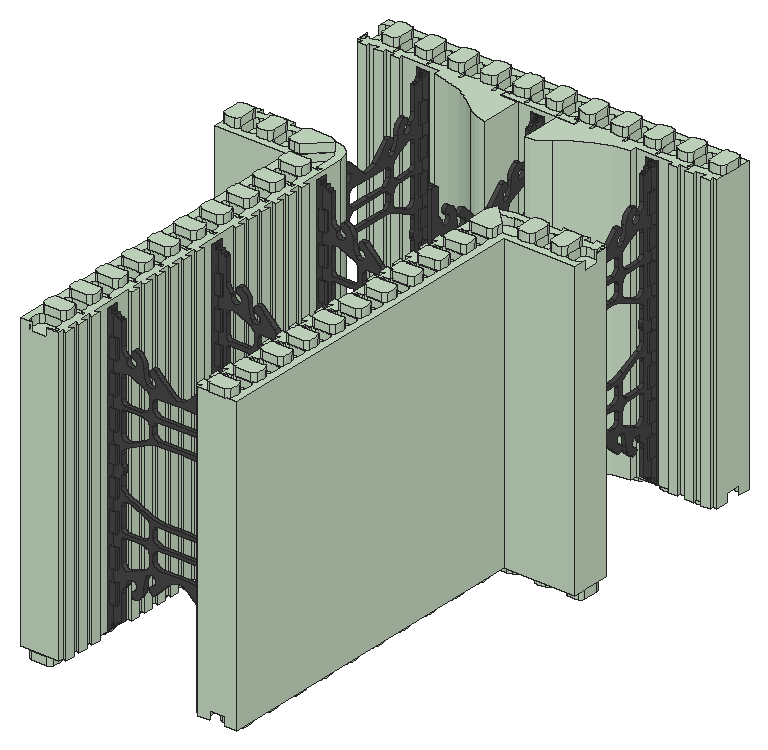
Revit family
Reference planes
  plane 1 "Center (Front/Back)": y = 0
  plane 2: z = 0
  plane 3 "Center (Left/Right)": x = 0
Forms (mm)
  Extrusion 1, solid, material "NUDURA Expanded Polystyrene Foam Insulation"
    sketch origin (0.284, 0.076, 0) x (1, 0, 0) y (0, 1, 0)
      loop
        line (-254, 142.875) -> (-254, 82.55) -> (-246.858, 82.55) -> (-248.442, 76.2) -> (-234.158, 76.2) -> (-235.742, 82.55) -> (-221.458, 82.55) -> (-223.042, 76.2) -> (-208.758, 76.2) -> (-210.342, 82.55) -> (-196.058, 82.55) -> (-197.642, 76.2) -> (-183.358, 76.2) -> (-184.942, 82.55) -> (-127, 82.55) -> (-127, 73.025)
        arc (-127, 73.025) -> (-79.325, 60.317) -> (-38.333, 32.857) r 150.316
        arc (-38.333, 32.857) -> (-23.189, 23.014) -> (-5.558, 19.091) r 50.8
        line (-5.558, 19.091) -> (-5.558, 82.55) -> (-31.75, 82.55) -> (-31.75, 93.946) -> (-25.4, 92.363) -> (-25.4, 107.78) -> (-31.75, 106.079) -> (-31.75, 119.346) -> (-25.4, 117.763) -> (-25.4, 133.18) -> (-31.75, 131.479) -> (-31.75, 142.875) -> (-254, 142.875)
      loop
        line (304.8, 82.55) -> (304.8, 142.875) -> (82.55, 142.875) -> (82.55, 131.479) -> (76.2, 133.18) -> (76.2, 117.763) -> (82.55, 119.346) -> (82.55, 106.079) -> (76.2, 107.78) -> (76.2, 92.363) -> (82.55, 93.946) -> (82.55, 82.55) -> (56.358, 82.55) -> (56.358, 19.091)
        arc (56.358, 19.091) -> (73.989, 23.014) -> (89.133, 32.857) r 50.8
        arc (89.133, 32.857) -> (130.125, 60.317) -> (177.8, 73.025) r 150.316
        line (177.8, 73.025) -> (177.8, 82.55) -> (235.742, 82.55) -> (234.158, 76.2) -> (248.442, 76.2) -> (246.858, 82.55) -> (261.142, 82.55) -> (259.558, 76.2) -> (273.842, 76.2) -> (272.258, 82.55) -> (286.542, 82.55) -> (284.958, 76.2) -> (299.242, 76.2) -> (297.658, 82.55) -> (304.8, 82.55)
      loop
        line (-82.55, -711.2) -> (-82.55, -704.058) -> (-76.2, -705.641) -> (-76.2, -691.358) -> (-82.55, -692.941) -> (-82.55, -678.658) -> (-76.2, -680.241) -> (-76.2, -665.958) -> (-82.55, -667.541) -> (-82.55, -653.258) -> (-76.2, -654.841) -> (-76.2, -640.558) -> (-82.55, -642.141) -> (-82.55, -577.058) -> (-76.2, -578.641) -> (-76.2, -564.358) -> (-82.55, -565.941) -> (-82.55, -551.658) -> (-76.2, -553.241) -> (-76.2, -538.958) -> (-82.55, -540.541) -> (-82.55, -526.258) -> (-76.2, -527.841) -> (-76.2, -513.558) -> (-82.55, -515.141) -> (-82.55, -500.858) -> (-76.2, -502.441) -> (-76.2, -488.158) -> (-82.55, -489.741) -> (-82.55, -475.458) -> (-76.2, -477.041) -> (-76.2, -462.758) -> (-82.55, -464.341) -> (-82.55, -450.058) -> (-76.2, -451.641) -> (-76.2, -437.358) -> (-82.55, -438.941) -> (-82.55, -373.858) -> (-76.2, -375.441) -> (-76.2, -361.158) -> (-82.55, -362.741) -> (-82.55, -348.458) -> (-76.2, -350.041) -> (-76.2, -335.758) -> (-82.55, -337.341) -> (-82.55, -323.058) -> (-76.2, -324.641) -> (-76.2, -310.358) -> (-82.55, -311.941) -> (-82.55, -297.658) -> (-76.2, -299.241) -> (-76.2, -284.958) -> (-82.55, -286.541) -> (-82.55, -272.258) -> (-76.2, -273.841) -> (-76.2, -259.558) -> (-82.55, -261.141) -> (-82.55, -246.858) -> (-76.2, -248.441) -> (-76.2, -234.158) -> (-82.55, -235.741) -> (-82.55, -165.1)
        arc (-82.55, -165.1) -> (-91.849, -142.649) -> (-114.3, -133.35) r 31.75
        line (-114.3, -133.35) -> (-184.942, -133.35) -> (-183.358, -127) -> (-197.642, -127) -> (-196.058, -133.35) -> (-210.342, -133.35) -> (-208.758, -127) -> (-223.042, -127) -> (-221.458, -133.35) -> (-235.742, -133.35) -> (-234.158, -127) -> (-248.442, -127) -> (-246.858, -133.35) -> (-254, -133.35) -> (-254, -193.675) -> (-142.875, -193.675) -> (-142.875, -711.2) -> (-82.55, -711.2)
      loop
        line (133.35, -711.2) -> (193.675, -711.2) -> (193.675, -193.675) -> (304.8, -193.675) -> (304.8, -133.35) -> (297.658, -133.35) -> (299.242, -127) -> (284.958, -127) -> (286.542, -133.35) -> (272.258, -133.35) -> (273.842, -127) -> (259.558, -127) -> (261.142, -133.35) -> (246.858, -133.35) -> (248.442, -127) -> (234.158, -127) -> (235.742, -133.35) -> (165.1, -133.35)
        arc (165.1, -133.35) -> (142.649, -142.649) -> (133.35, -165.1) r 31.75
        line (133.35, -165.1) -> (133.35, -235.741) -> (127, -234.158) -> (127, -248.441) -> (133.35, -246.858) -> (133.35, -261.141) -> (127, -259.558) -> (127, -273.841) -> (133.35, -272.258) -> (133.35, -286.541) -> (127, -284.958) -> (127, -299.241) -> (133.35, -297.658) -> (133.35, -311.941) -> (127, -310.358) -> (127, -324.641) -> (133.35, -323.058) -> (133.35, -337.341) -> (127, -335.758) -> (127, -350.041) -> (133.35, -348.458) -> (133.35, -362.741) -> (127, -361.158) -> (127, -375.441) -> (133.35, -373.858) -> (133.35, -438.941) -> (127, -437.358) -> (127, -451.641) -> (133.35, -450.058) -> (133.35, -464.341) -> (127, -462.758) -> (127, -477.041) -> (133.35, -475.458) -> (133.35, -489.741) -> (127, -488.158) -> (127, -502.441) -> (133.35, -500.858) -> (133.35, -515.141) -> (127, -513.558) -> (127, -527.841) -> (133.35, -526.258) -> (133.35, -540.541) -> (127, -538.958) -> (127, -553.241) -> (133.35, -551.658) -> (133.35, -565.941) -> (127, -564.358) -> (127, -578.641) -> (133.35, -577.058) -> (133.35, -642.141) -> (127, -640.558) -> (127, -654.841) -> (133.35, -653.258) -> (133.35, -667.541) -> (127, -665.958) -> (127, -680.241) -> (133.35, -678.658) -> (133.35, -692.941) -> (127, -691.358) -> (127, -705.641) -> (133.35, -704.058) -> (133.35, -711.2)
    from 0 to 457.2
  Extrusion 2, void
    sketch origin (0.284, -50.724, 0) x (1, 0, 0) y (0, 1, 0)
      loop
        arc (-130.453, -639.396) -> (-131.763, -647.7) -> (-130.453, -656.003) r 26.987
        arc (-130.453, -656.003) -> (-128.147, -659.184) -> (-124.411, -660.4) r 6.35
        line (-124.411, -660.4) -> (-101.014, -660.4)
        arc (-101.014, -660.4) -> (-98.696, -659.961) -> (-96.698, -658.708) r 6.35
        arc (-96.698, -658.708) -> (-96.199, -658.394) -> (-95.62, -658.285) r 1.588
        line (-95.62, -658.285) -> (-86.829, -658.285) -> (-86.829, -653.946) -> (-92.457, -653.946)
        arc (-92.457, -653.946) -> (-93.668, -653.385) -> (-94.024, -652.1) r 1.588
        arc (-94.024, -652.1) -> (-93.737, -645.691) -> (-94.972, -639.396) r 26.988
        arc (-94.972, -639.396) -> (-97.278, -636.215) -> (-101.014, -635) r 6.35
        line (-101.014, -635) -> (-124.411, -635)
        arc (-124.411, -635) -> (-128.147, -636.215) -> (-130.453, -639.396) r 6.35
    from 457.2 to 444.5
  Extrusion 3, void
    sketch origin (0.284, 0.076, 0) x (1, 0, 0) y (0, 1, 0)
      loop
        arc (-130.453, -639.396) -> (-131.763, -647.7) -> (-130.453, -656.003) r 26.987
        arc (-130.453, -656.003) -> (-128.147, -659.184) -> (-124.411, -660.4) r 6.35
        line (-124.411, -660.4) -> (-101.014, -660.4)
        arc (-101.014, -660.4) -> (-98.696, -659.961) -> (-96.698, -658.708) r 6.35
        arc (-96.698, -658.708) -> (-96.199, -658.394) -> (-95.62, -658.285) r 1.588
        line (-95.62, -658.285) -> (-86.829, -658.285) -> (-86.829, -653.946) -> (-92.457, -653.946)
        arc (-92.457, -653.946) -> (-93.668, -653.385) -> (-94.024, -652.1) r 1.588
        arc (-94.024, -652.1) -> (-93.737, -645.691) -> (-94.972, -639.396) r 26.988
        arc (-94.972, -639.396) -> (-97.278, -636.215) -> (-101.014, -635) r 6.35
        line (-101.014, -635) -> (-124.411, -635)
        arc (-124.411, -635) -> (-128.147, -636.215) -> (-130.453, -639.396) r 6.35
    from 457.2 to 444.5
  Extrusion 4, void
    sketch origin (0.284, 50.876, 0) x (1, 0, 0) y (0, 1, 0)
      loop
        arc (-130.453, -639.396) -> (-131.763, -647.7) -> (-130.453, -656.003) r 26.987
        arc (-130.453, -656.003) -> (-128.147, -659.184) -> (-124.411, -660.4) r 6.35
        line (-124.411, -660.4) -> (-101.014, -660.4)
        arc (-101.014, -660.4) -> (-98.696, -659.961) -> (-96.698, -658.708) r 6.35
        arc (-96.698, -658.708) -> (-96.199, -658.394) -> (-95.62, -658.285) r 1.588
        line (-95.62, -658.285) -> (-86.829, -658.285) -> (-86.829, -653.946) -> (-92.457, -653.946)
        arc (-92.457, -653.946) -> (-93.668, -653.385) -> (-94.024, -652.1) r 1.588
        arc (-94.024, -652.1) -> (-93.737, -645.691) -> (-94.972, -639.396) r 26.988
        arc (-94.972, -639.396) -> (-97.278, -636.215) -> (-101.014, -635) r 6.35
        line (-101.014, -635) -> (-124.411, -635)
        arc (-124.411, -635) -> (-128.147, -636.215) -> (-130.453, -639.396) r 6.35
    from 457.2 to 444.5
  Extrusion 5, void
    sketch origin (0.284, 101.676, 0) x (1, 0, 0) y (0, 1, 0)
      loop
        arc (-130.453, -639.396) -> (-131.763, -647.7) -> (-130.453, -656.003) r 26.987
        arc (-130.453, -656.003) -> (-128.147, -659.184) -> (-124.411, -660.4) r 6.35
        line (-124.411, -660.4) -> (-101.014, -660.4)
        arc (-101.014, -660.4) -> (-98.696, -659.961) -> (-96.698, -658.708) r 6.35
        arc (-96.698, -658.708) -> (-96.199, -658.394) -> (-95.62, -658.285) r 1.588
        line (-95.62, -658.285) -> (-86.829, -658.285) -> (-86.829, -653.946) -> (-92.457, -653.946)
        arc (-92.457, -653.946) -> (-93.668, -653.385) -> (-94.024, -652.1) r 1.588
        arc (-94.024, -652.1) -> (-93.737, -645.691) -> (-94.972, -639.396) r 26.988
        arc (-94.972, -639.396) -> (-97.278, -636.215) -> (-101.014, -635) r 6.35
        line (-101.014, -635) -> (-124.411, -635)
        arc (-124.411, -635) -> (-128.147, -636.215) -> (-130.453, -639.396) r 6.35
    from 457.2 to 444.5
  Extrusion 6, void
    sketch origin (0.284, 152.476, 0) x (1, 0, 0) y (0, 1, 0)
      loop
        arc (-130.453, -639.396) -> (-131.763, -647.7) -> (-130.453, -656.003) r 26.987
        arc (-130.453, -656.003) -> (-128.147, -659.184) -> (-124.411, -660.4) r 6.35
        line (-124.411, -660.4) -> (-101.014, -660.4)
        arc (-101.014, -660.4) -> (-98.696, -659.961) -> (-96.698, -658.708) r 6.35
        arc (-96.698, -658.708) -> (-96.199, -658.394) -> (-95.62, -658.285) r 1.588
        line (-95.62, -658.285) -> (-86.829, -658.285) -> (-86.829, -653.946) -> (-92.457, -653.946)
        arc (-92.457, -653.946) -> (-93.668, -653.385) -> (-94.024, -652.1) r 1.588
        arc (-94.024, -652.1) -> (-93.737, -645.691) -> (-94.972, -639.396) r 26.988
        arc (-94.972, -639.396) -> (-97.278, -636.215) -> (-101.014, -635) r 6.35
        line (-101.014, -635) -> (-124.411, -635)
        arc (-124.411, -635) -> (-128.147, -636.215) -> (-130.453, -639.396) r 6.35
    from 457.2 to 444.5
  Extrusion 7, void
    sketch origin (0.284, 203.276, 0) x (1, 0, 0) y (0, 1, 0)
      loop
        arc (-130.453, -639.396) -> (-131.763, -647.7) -> (-130.453, -656.003) r 26.987
        arc (-130.453, -656.003) -> (-128.147, -659.184) -> (-124.411, -660.4) r 6.35
        line (-124.411, -660.4) -> (-101.014, -660.4)
        arc (-101.014, -660.4) -> (-98.696, -659.961) -> (-96.698, -658.708) r 6.35
        arc (-96.698, -658.708) -> (-96.199, -658.394) -> (-95.62, -658.285) r 1.588
        line (-95.62, -658.285) -> (-86.829, -658.285) -> (-86.829, -653.946) -> (-92.457, -653.946)
        arc (-92.457, -653.946) -> (-93.668, -653.385) -> (-94.024, -652.1) r 1.588
        arc (-94.024, -652.1) -> (-93.737, -645.691) -> (-94.972, -639.396) r 26.988
        arc (-94.972, -639.396) -> (-97.278, -636.215) -> (-101.014, -635) r 6.35
        line (-101.014, -635) -> (-124.411, -635)
        arc (-124.411, -635) -> (-128.147, -636.215) -> (-130.453, -639.396) r 6.35
    from 457.2 to 444.5
  Extrusion 8, void
    sketch origin (0.284, 254.076, 0) x (1, 0, 0) y (0, 1, 0)
      loop
        arc (-130.453, -639.396) -> (-131.763, -647.7) -> (-130.453, -656.003) r 26.987
        arc (-130.453, -656.003) -> (-128.147, -659.184) -> (-124.411, -660.4) r 6.35
        line (-124.411, -660.4) -> (-101.014, -660.4)
        arc (-101.014, -660.4) -> (-98.696, -659.961) -> (-96.698, -658.708) r 6.35
        arc (-96.698, -658.708) -> (-96.199, -658.394) -> (-95.62, -658.285) r 1.588
        line (-95.62, -658.285) -> (-86.829, -658.285) -> (-86.829, -653.946) -> (-92.457, -653.946)
        arc (-92.457, -653.946) -> (-93.668, -653.385) -> (-94.024, -652.1) r 1.588
        arc (-94.024, -652.1) -> (-93.737, -645.691) -> (-94.972, -639.396) r 26.988
        arc (-94.972, -639.396) -> (-97.278, -636.215) -> (-101.014, -635) r 6.35
        line (-101.014, -635) -> (-124.411, -635)
        arc (-124.411, -635) -> (-128.147, -636.215) -> (-130.453, -639.396) r 6.35
    from 457.2 to 444.5
  Extrusion 9, void
    sketch origin (0.284, 304.876, 0) x (1, 0, 0) y (0, 1, 0)
      loop
        arc (-130.453, -639.396) -> (-131.763, -647.7) -> (-130.453, -656.003) r 26.987
        arc (-130.453, -656.003) -> (-128.147, -659.184) -> (-124.411, -660.4) r 6.35
        line (-124.411, -660.4) -> (-101.014, -660.4)
        arc (-101.014, -660.4) -> (-98.696, -659.961) -> (-96.698, -658.708) r 6.35
        arc (-96.698, -658.708) -> (-96.199, -658.394) -> (-95.62, -658.285) r 1.588
        line (-95.62, -658.285) -> (-86.829, -658.285) -> (-86.829, -653.946) -> (-92.457, -653.946)
        arc (-92.457, -653.946) -> (-93.668, -653.385) -> (-94.024, -652.1) r 1.588
        arc (-94.024, -652.1) -> (-93.737, -645.691) -> (-94.972, -639.396) r 26.988
        arc (-94.972, -639.396) -> (-97.278, -636.215) -> (-101.014, -635) r 6.35
        line (-101.014, -635) -> (-124.411, -635)
        arc (-124.411, -635) -> (-128.147, -636.215) -> (-130.453, -639.396) r 6.35
    from 457.2 to 444.5
  Extrusion 10, void
    sketch origin (0.284, 355.676, 0) x (1, 0, 0) y (0, 1, 0)
      loop
        arc (-130.453, -639.396) -> (-131.763, -647.7) -> (-130.453, -656.003) r 26.987
        arc (-130.453, -656.003) -> (-128.147, -659.184) -> (-124.411, -660.4) r 6.35
        line (-124.411, -660.4) -> (-101.014, -660.4)
        arc (-101.014, -660.4) -> (-98.696, -659.961) -> (-96.698, -658.708) r 6.35
        arc (-96.698, -658.708) -> (-96.199, -658.394) -> (-95.62, -658.285) r 1.588
        line (-95.62, -658.285) -> (-86.829, -658.285) -> (-86.829, -653.946) -> (-92.457, -653.946)
        arc (-92.457, -653.946) -> (-93.668, -653.385) -> (-94.024, -652.1) r 1.588
        arc (-94.024, -652.1) -> (-93.737, -645.691) -> (-94.972, -639.396) r 26.988
        arc (-94.972, -639.396) -> (-97.278, -636.215) -> (-101.014, -635) r 6.35
        line (-101.014, -635) -> (-124.411, -635)
        arc (-124.411, -635) -> (-128.147, -636.215) -> (-130.453, -639.396) r 6.35
    from 457.2 to 444.5
  Extrusion 11, void
    sketch origin (0.284, 406.476, 0) x (1, 0, 0) y (0, 1, 0)
      loop
        arc (-130.453, -639.396) -> (-131.763, -647.7) -> (-130.453, -656.003) r 26.987
        arc (-130.453, -656.003) -> (-128.147, -659.184) -> (-124.411, -660.4) r 6.35
        line (-124.411, -660.4) -> (-101.014, -660.4)
        arc (-101.014, -660.4) -> (-98.696, -659.961) -> (-96.698, -658.708) r 6.35
        arc (-96.698, -658.708) -> (-96.199, -658.394) -> (-95.62, -658.285) r 1.588
        line (-95.62, -658.285) -> (-86.829, -658.285) -> (-86.829, -653.946) -> (-92.457, -653.946)
        arc (-92.457, -653.946) -> (-93.668, -653.385) -> (-94.024, -652.1) r 1.588
        arc (-94.024, -652.1) -> (-93.737, -645.691) -> (-94.972, -639.396) r 26.988
        arc (-94.972, -639.396) -> (-97.278, -636.215) -> (-101.014, -635) r 6.35
        line (-101.014, -635) -> (-124.411, -635)
        arc (-124.411, -635) -> (-128.147, -636.215) -> (-130.453, -639.396) r 6.35
    from 457.2 to 444.5
  Extrusion 12, void
    sketch origin (0.284, -50.724, 0) x (1, 0, 0) y (0, 1, 0)
      loop
        line (-131.763, -131.762) -> (-131.763, -139.7)
        arc (-131.763, -139.7) -> (-131.433, -143.903) -> (-130.453, -148.003) r 26.987
        arc (-130.453, -148.003) -> (-128.147, -151.184) -> (-124.411, -152.4) r 6.35
        line (-124.411, -152.4) -> (-101.014, -152.4)
        arc (-101.014, -152.4) -> (-98.696, -151.961) -> (-96.698, -150.708) r 6.35
        arc (-96.698, -150.708) -> (-96.199, -150.394) -> (-95.62, -150.285) r 1.588
        line (-95.62, -150.285) -> (-86.829, -150.285) -> (-86.829, -145.946) -> (-92.457, -145.946)
        arc (-92.457, -145.946) -> (-93.668, -145.385) -> (-94.024, -144.1) r 1.588
        arc (-94.024, -144.1) -> (-93.753, -141.907) -> (-93.663, -139.7) r 26.987
        line (-93.663, -139.7) -> (-93.663, -119.062)
        arc (-93.663, -119.062) -> (-95.596, -109.342) -> (-101.102, -101.102) r 25.4
        line (-101.102, -101.102) -> (-131.763, -131.762)
    from 457.2 to 444.5
  Extrusion 13, void
    sketch origin (-812.516, -50.723, 0) x (0, 1, 0) y (-1, 0, 0)
      loop
        arc (-130.453, -639.396) -> (-131.763, -647.7) -> (-130.453, -656.003) r 26.987
        arc (-130.453, -656.003) -> (-128.147, -659.184) -> (-124.411, -660.4) r 6.35
        line (-124.411, -660.4) -> (-101.014, -660.4)
        arc (-101.014, -660.4) -> (-98.696, -659.961) -> (-96.698, -658.708) r 6.35
        arc (-96.698, -658.708) -> (-96.199, -658.394) -> (-95.62, -658.285) r 1.588
        line (-95.62, -658.285) -> (-86.829, -658.285) -> (-86.829, -653.946) -> (-92.457, -653.946)
        arc (-92.457, -653.946) -> (-93.668, -653.385) -> (-94.024, -652.1) r 1.588
        arc (-94.024, -652.1) -> (-93.737, -645.691) -> (-94.972, -639.396) r 26.988
        arc (-94.972, -639.396) -> (-97.278, -636.215) -> (-101.014, -635) r 6.35
        line (-101.014, -635) -> (-124.411, -635)
        arc (-124.411, -635) -> (-128.147, -636.215) -> (-130.453, -639.396) r 6.35
    from 457.2 to 444.5
  Extrusion 14, void
    sketch origin (-863.316, -50.723, 0) x (0, 1, 0) y (-1, 0, 0)
      loop
        arc (-130.453, -639.396) -> (-131.763, -647.7) -> (-130.453, -656.003) r 26.987
        arc (-130.453, -656.003) -> (-128.147, -659.184) -> (-124.411, -660.4) r 6.35
        line (-124.411, -660.4) -> (-101.014, -660.4)
        arc (-101.014, -660.4) -> (-98.696, -659.961) -> (-96.698, -658.708) r 6.35
        arc (-96.698, -658.708) -> (-96.199, -658.394) -> (-95.62, -658.285) r 1.588
        line (-95.62, -658.285) -> (-86.829, -658.285) -> (-86.829, -653.946) -> (-92.457, -653.946)
        arc (-92.457, -653.946) -> (-93.668, -653.385) -> (-94.024, -652.1) r 1.588
        arc (-94.024, -652.1) -> (-93.737, -645.691) -> (-94.972, -639.396) r 26.988
        arc (-94.972, -639.396) -> (-97.278, -636.215) -> (-101.014, -635) r 6.35
        line (-101.014, -635) -> (-124.411, -635)
        arc (-124.411, -635) -> (-128.147, -636.215) -> (-130.453, -639.396) r 6.35
    from 457.2 to 444.5
  Extrusion 15, void
    sketch origin (0.284, -1320.723, 0) x (1, 0, 0) y (0, 1, 0)
      loop
        arc (-130.453, 639.396) -> (-128.147, 636.215) -> (-124.411, 635) r 6.35
        line (-124.411, 635) -> (-101.014, 635)
        arc (-101.014, 635) -> (-97.278, 636.215) -> (-94.972, 639.396) r 6.35
        arc (-94.972, 639.396) -> (-93.737, 645.691) -> (-94.024, 652.1) r 26.988
        arc (-94.024, 652.1) -> (-93.668, 653.385) -> (-92.457, 653.946) r 1.588
        line (-92.457, 653.946) -> (-86.829, 653.946) -> (-86.829, 658.285) -> (-95.62, 658.285)
        arc (-95.62, 658.285) -> (-96.199, 658.394) -> (-96.698, 658.708) r 1.588
        arc (-96.698, 658.708) -> (-98.696, 659.961) -> (-101.014, 660.4) r 6.35
        line (-101.014, 660.4) -> (-124.411, 660.4)
        arc (-124.411, 660.4) -> (-128.147, 659.184) -> (-130.453, 656.003) r 6.35
        arc (-130.453, 656.003) -> (-131.763, 647.7) -> (-130.453, 639.396) r 26.987
    from 0 to 12.7
  Extrusion 16, void
    sketch origin (0.284, -1269.923, 0) x (1, 0, 0) y (0, 1, 0)
      loop
        arc (-130.453, 639.396) -> (-128.147, 636.215) -> (-124.411, 635) r 6.35
        line (-124.411, 635) -> (-101.014, 635)
        arc (-101.014, 635) -> (-97.278, 636.215) -> (-94.972, 639.396) r 6.35
        arc (-94.972, 639.396) -> (-93.737, 645.691) -> (-94.024, 652.1) r 26.988
        arc (-94.024, 652.1) -> (-93.668, 653.385) -> (-92.457, 653.946) r 1.588
        line (-92.457, 653.946) -> (-86.829, 653.946) -> (-86.829, 658.285) -> (-95.62, 658.285)
        arc (-95.62, 658.285) -> (-96.199, 658.394) -> (-96.698, 658.708) r 1.588
        arc (-96.698, 658.708) -> (-98.696, 659.961) -> (-101.014, 660.4) r 6.35
        line (-101.014, 660.4) -> (-124.411, 660.4)
        arc (-124.411, 660.4) -> (-128.147, 659.184) -> (-130.453, 656.003) r 6.35
        arc (-130.453, 656.003) -> (-131.763, 647.7) -> (-130.453, 639.396) r 26.987
    from 0 to 12.7
  Extrusion 17, void
    sketch origin (0.284, -1219.123, 0) x (1, 0, 0) y (0, 1, 0)
      loop
        arc (-130.453, 639.396) -> (-128.147, 636.215) -> (-124.411, 635) r 6.35
        line (-124.411, 635) -> (-101.014, 635)
        arc (-101.014, 635) -> (-97.278, 636.215) -> (-94.972, 639.396) r 6.35
        arc (-94.972, 639.396) -> (-93.737, 645.691) -> (-94.024, 652.1) r 26.988
        arc (-94.024, 652.1) -> (-93.668, 653.385) -> (-92.457, 653.946) r 1.588
        line (-92.457, 653.946) -> (-86.829, 653.946) -> (-86.829, 658.285) -> (-95.62, 658.285)
        arc (-95.62, 658.285) -> (-96.199, 658.394) -> (-96.698, 658.708) r 1.588
        arc (-96.698, 658.708) -> (-98.696, 659.961) -> (-101.014, 660.4) r 6.35
        line (-101.014, 660.4) -> (-124.411, 660.4)
        arc (-124.411, 660.4) -> (-128.147, 659.184) -> (-130.453, 656.003) r 6.35
        arc (-130.453, 656.003) -> (-131.763, 647.7) -> (-130.453, 639.396) r 26.987
    from 0 to 12.7
  Extrusion 18, void
    sketch origin (0.284, -1168.323, 0) x (1, 0, 0) y (0, 1, 0)
      loop
        arc (-130.453, 639.396) -> (-128.147, 636.215) -> (-124.411, 635) r 6.35
        line (-124.411, 635) -> (-101.014, 635)
        arc (-101.014, 635) -> (-97.278, 636.215) -> (-94.972, 639.396) r 6.35
        arc (-94.972, 639.396) -> (-93.737, 645.691) -> (-94.024, 652.1) r 26.988
        arc (-94.024, 652.1) -> (-93.668, 653.385) -> (-92.457, 653.946) r 1.588
        line (-92.457, 653.946) -> (-86.829, 653.946) -> (-86.829, 658.285) -> (-95.62, 658.285)
        arc (-95.62, 658.285) -> (-96.199, 658.394) -> (-96.698, 658.708) r 1.588
        arc (-96.698, 658.708) -> (-98.696, 659.961) -> (-101.014, 660.4) r 6.35
        line (-101.014, 660.4) -> (-124.411, 660.4)
        arc (-124.411, 660.4) -> (-128.147, 659.184) -> (-130.453, 656.003) r 6.35
        arc (-130.453, 656.003) -> (-131.763, 647.7) -> (-130.453, 639.396) r 26.987
    from 0 to 12.7
  Extrusion 19, void
    sketch origin (0.284, -1117.523, 0) x (1, 0, 0) y (0, 1, 0)
      loop
        arc (-130.453, 639.396) -> (-128.147, 636.215) -> (-124.411, 635) r 6.35
        line (-124.411, 635) -> (-101.014, 635)
        arc (-101.014, 635) -> (-97.278, 636.215) -> (-94.972, 639.396) r 6.35
        arc (-94.972, 639.396) -> (-93.737, 645.691) -> (-94.024, 652.1) r 26.988
        arc (-94.024, 652.1) -> (-93.668, 653.385) -> (-92.457, 653.946) r 1.588
        line (-92.457, 653.946) -> (-86.829, 653.946) -> (-86.829, 658.285) -> (-95.62, 658.285)
        arc (-95.62, 658.285) -> (-96.199, 658.394) -> (-96.698, 658.708) r 1.588
        arc (-96.698, 658.708) -> (-98.696, 659.961) -> (-101.014, 660.4) r 6.35
        line (-101.014, 660.4) -> (-124.411, 660.4)
        arc (-124.411, 660.4) -> (-128.147, 659.184) -> (-130.453, 656.003) r 6.35
        arc (-130.453, 656.003) -> (-131.763, 647.7) -> (-130.453, 639.396) r 26.987
    from 0 to 12.7
  Extrusion 20, void
    sketch origin (0.284, -1066.723, 0) x (1, 0, 0) y (0, 1, 0)
      loop
        arc (-130.453, 639.396) -> (-128.147, 636.215) -> (-124.411, 635) r 6.35
        line (-124.411, 635) -> (-101.014, 635)
        arc (-101.014, 635) -> (-97.278, 636.215) -> (-94.972, 639.396) r 6.35
        arc (-94.972, 639.396) -> (-93.737, 645.691) -> (-94.024, 652.1) r 26.988
        arc (-94.024, 652.1) -> (-93.668, 653.385) -> (-92.457, 653.946) r 1.588
        line (-92.457, 653.946) -> (-86.829, 653.946) -> (-86.829, 658.285) -> (-95.62, 658.285)
        arc (-95.62, 658.285) -> (-96.199, 658.394) -> (-96.698, 658.708) r 1.588
        arc (-96.698, 658.708) -> (-98.696, 659.961) -> (-101.014, 660.4) r 6.35
        line (-101.014, 660.4) -> (-124.411, 660.4)
        arc (-124.411, 660.4) -> (-128.147, 659.184) -> (-130.453, 656.003) r 6.35
        arc (-130.453, 656.003) -> (-131.763, 647.7) -> (-130.453, 639.396) r 26.987
    from 0 to 12.7
  Extrusion 21, void
    sketch origin (0.284, -1015.923, 0) x (1, 0, 0) y (0, 1, 0)
      loop
        arc (-130.453, 639.396) -> (-128.147, 636.215) -> (-124.411, 635) r 6.35
        line (-124.411, 635) -> (-101.014, 635)
        arc (-101.014, 635) -> (-97.278, 636.215) -> (-94.972, 639.396) r 6.35
        arc (-94.972, 639.396) -> (-93.737, 645.691) -> (-94.024, 652.1) r 26.988
        arc (-94.024, 652.1) -> (-93.668, 653.385) -> (-92.457, 653.946) r 1.588
        line (-92.457, 653.946) -> (-86.829, 653.946) -> (-86.829, 658.285) -> (-95.62, 658.285)
        arc (-95.62, 658.285) -> (-96.199, 658.394) -> (-96.698, 658.708) r 1.588
        arc (-96.698, 658.708) -> (-98.696, 659.961) -> (-101.014, 660.4) r 6.35
        line (-101.014, 660.4) -> (-124.411, 660.4)
        arc (-124.411, 660.4) -> (-128.147, 659.184) -> (-130.453, 656.003) r 6.35
        arc (-130.453, 656.003) -> (-131.763, 647.7) -> (-130.453, 639.396) r 26.987
    from 0 to 12.7
  Extrusion 22, void
    sketch origin (0.284, -965.123, 0) x (1, 0, 0) y (0, 1, 0)
      loop
        arc (-130.453, 639.396) -> (-128.147, 636.215) -> (-124.411, 635) r 6.35
        line (-124.411, 635) -> (-101.014, 635)
        arc (-101.014, 635) -> (-97.278, 636.215) -> (-94.972, 639.396) r 6.35
        arc (-94.972, 639.396) -> (-93.737, 645.691) -> (-94.024, 652.1) r 26.988
        arc (-94.024, 652.1) -> (-93.668, 653.385) -> (-92.457, 653.946) r 1.588
        line (-92.457, 653.946) -> (-86.829, 653.946) -> (-86.829, 658.285) -> (-95.62, 658.285)
        arc (-95.62, 658.285) -> (-96.199, 658.394) -> (-96.698, 658.708) r 1.588
        arc (-96.698, 658.708) -> (-98.696, 659.961) -> (-101.014, 660.4) r 6.35
        line (-101.014, 660.4) -> (-124.411, 660.4)
        arc (-124.411, 660.4) -> (-128.147, 659.184) -> (-130.453, 656.003) r 6.35
        arc (-130.453, 656.003) -> (-131.763, 647.7) -> (-130.453, 639.396) r 26.987
    from 0 to 12.7
  Extrusion 23, void
    sketch origin (0.284, -914.323, 0) x (1, 0, 0) y (0, 1, 0)
      loop
        arc (-130.453, 639.396) -> (-128.147, 636.215) -> (-124.411, 635) r 6.35
        line (-124.411, 635) -> (-101.014, 635)
        arc (-101.014, 635) -> (-97.278, 636.215) -> (-94.972, 639.396) r 6.35
        arc (-94.972, 639.396) -> (-93.737, 645.691) -> (-94.024, 652.1) r 26.988
        arc (-94.024, 652.1) -> (-93.668, 653.385) -> (-92.457, 653.946) r 1.588
        line (-92.457, 653.946) -> (-86.829, 653.946) -> (-86.829, 658.285) -> (-95.62, 658.285)
        arc (-95.62, 658.285) -> (-96.199, 658.394) -> (-96.698, 658.708) r 1.588
        arc (-96.698, 658.708) -> (-98.696, 659.961) -> (-101.014, 660.4) r 6.35
        line (-101.014, 660.4) -> (-124.411, 660.4)
        arc (-124.411, 660.4) -> (-128.147, 659.184) -> (-130.453, 656.003) r 6.35
        arc (-130.453, 656.003) -> (-131.763, 647.7) -> (-130.453, 639.396) r 26.987
    from 0 to 12.7
  Extrusion 24, void
    sketch origin (0.284, -863.523, 0) x (1, 0, 0) y (0, 1, 0)
      loop
        arc (-130.453, 639.396) -> (-128.147, 636.215) -> (-124.411, 635) r 6.35
        line (-124.411, 635) -> (-101.014, 635)
        arc (-101.014, 635) -> (-97.278, 636.215) -> (-94.972, 639.396) r 6.35
        arc (-94.972, 639.396) -> (-93.737, 645.691) -> (-94.024, 652.1) r 26.988
        arc (-94.024, 652.1) -> (-93.668, 653.385) -> (-92.457, 653.946) r 1.588
        line (-92.457, 653.946) -> (-86.829, 653.946) -> (-86.829, 658.285) -> (-95.62, 658.285)
        arc (-95.62, 658.285) -> (-96.199, 658.394) -> (-96.698, 658.708) r 1.588
        arc (-96.698, 658.708) -> (-98.696, 659.961) -> (-101.014, 660.4) r 6.35
        line (-101.014, 660.4) -> (-124.411, 660.4)
        arc (-124.411, 660.4) -> (-128.147, 659.184) -> (-130.453, 656.003) r 6.35
        arc (-130.453, 656.003) -> (-131.763, 647.7) -> (-130.453, 639.396) r 26.987
    from 0 to 12.7
  Extrusion 25, void
    sketch origin (0.283, -50.723, 0) x (0, 1, 0) y (-1, 0, 0)
      loop
        line (-131.763, 131.762) -> (-101.102, 101.102)
        arc (-101.102, 101.102) -> (-95.596, 109.342) -> (-93.663, 119.062) r 25.4
        line (-93.663, 119.062) -> (-93.663, 139.7)
        arc (-93.663, 139.7) -> (-93.753, 141.907) -> (-94.024, 144.1) r 26.987
        arc (-94.024, 144.1) -> (-93.668, 145.385) -> (-92.457, 145.946) r 1.588
        line (-92.457, 145.946) -> (-86.829, 145.946) -> (-86.829, 150.285) -> (-95.62, 150.285)
        arc (-95.62, 150.285) -> (-96.199, 150.394) -> (-96.698, 150.708) r 1.588
        arc (-96.698, 150.708) -> (-98.696, 151.961) -> (-101.014, 152.4) r 6.35
        line (-101.014, 152.4) -> (-124.411, 152.4)
        arc (-124.411, 152.4) -> (-128.147, 151.184) -> (-130.453, 148.003) r 6.35
        arc (-130.453, 148.003) -> (-131.433, 143.903) -> (-131.763, 139.7) r 26.987
        line (-131.763, 139.7) -> (-131.763, 131.762)
    from 0 to 12.7
  Extrusion 26, void
    sketch origin (457.483, -50.723, 0) x (0, 1, 0) y (-1, 0, 0)
      loop
        arc (-130.453, 639.396) -> (-128.147, 636.215) -> (-124.411, 635) r 6.35
        line (-124.411, 635) -> (-101.014, 635)
        arc (-101.014, 635) -> (-97.278, 636.215) -> (-94.972, 639.396) r 6.35
        arc (-94.972, 639.396) -> (-93.737, 645.691) -> (-94.024, 652.1) r 26.988
        arc (-94.024, 652.1) -> (-93.668, 653.385) -> (-92.457, 653.946) r 1.588
        line (-92.457, 653.946) -> (-86.829, 653.946) -> (-86.829, 658.285) -> (-95.62, 658.285)
        arc (-95.62, 658.285) -> (-96.199, 658.394) -> (-96.698, 658.708) r 1.588
        arc (-96.698, 658.708) -> (-98.696, 659.961) -> (-101.014, 660.4) r 6.35
        line (-101.014, 660.4) -> (-124.411, 660.4)
        arc (-124.411, 660.4) -> (-128.147, 659.184) -> (-130.453, 656.003) r 6.35
        arc (-130.453, 656.003) -> (-131.763, 647.7) -> (-130.453, 639.396) r 26.987
    from 0 to 12.7
  Extrusion 27, void
    sketch origin (406.683, -50.723, 0) x (0, 1, 0) y (-1, 0, 0)
      loop
        arc (-130.453, 639.396) -> (-128.147, 636.215) -> (-124.411, 635) r 6.35
        line (-124.411, 635) -> (-101.014, 635)
        arc (-101.014, 635) -> (-97.278, 636.215) -> (-94.972, 639.396) r 6.35
        arc (-94.972, 639.396) -> (-93.737, 645.691) -> (-94.024, 652.1) r 26.988
        arc (-94.024, 652.1) -> (-93.668, 653.385) -> (-92.457, 653.946) r 1.588
        line (-92.457, 653.946) -> (-86.829, 653.946) -> (-86.829, 658.285) -> (-95.62, 658.285)
        arc (-95.62, 658.285) -> (-96.199, 658.394) -> (-96.698, 658.708) r 1.588
        arc (-96.698, 658.708) -> (-98.696, 659.961) -> (-101.014, 660.4) r 6.35
        line (-101.014, 660.4) -> (-124.411, 660.4)
        arc (-124.411, 660.4) -> (-128.147, 659.184) -> (-130.453, 656.003) r 6.35
        arc (-130.453, 656.003) -> (-131.763, 647.7) -> (-130.453, 639.396) r 26.987
    from 0 to 12.7
  Extrusion 28, void
    sketch origin (51.084, -1320.723, 0) x (-1, 0, 0) y (0, -1, 0)
      loop
        arc (-130.453, -639.396) -> (-131.763, -647.7) -> (-130.453, -656.003) r 26.987
        arc (-130.453, -656.003) -> (-128.147, -659.184) -> (-124.411, -660.4) r 6.35
        line (-124.411, -660.4) -> (-101.014, -660.4)
        arc (-101.014, -660.4) -> (-98.696, -659.961) -> (-96.698, -658.708) r 6.35
        arc (-96.698, -658.708) -> (-96.199, -658.394) -> (-95.62, -658.285) r 1.588
        line (-95.62, -658.285) -> (-86.829, -658.285) -> (-86.829, -653.946) -> (-92.457, -653.946)
        arc (-92.457, -653.946) -> (-93.668, -653.385) -> (-94.024, -652.1) r 1.588
        arc (-94.024, -652.1) -> (-93.737, -645.691) -> (-94.972, -639.396) r 26.988
        arc (-94.972, -639.396) -> (-97.278, -636.215) -> (-101.014, -635) r 6.35
        line (-101.014, -635) -> (-124.411, -635)
        arc (-124.411, -635) -> (-128.147, -636.215) -> (-130.453, -639.396) r 6.35
    from 457.2 to 444.5
  Extrusion 29, void
    sketch origin (51.084, -1269.923, 0) x (-1, 0, 0) y (0, -1, 0)
      loop
        arc (-130.453, -639.396) -> (-131.763, -647.7) -> (-130.453, -656.003) r 26.987
        arc (-130.453, -656.003) -> (-128.147, -659.184) -> (-124.411, -660.4) r 6.35
        line (-124.411, -660.4) -> (-101.014, -660.4)
        arc (-101.014, -660.4) -> (-98.696, -659.961) -> (-96.698, -658.708) r 6.35
        arc (-96.698, -658.708) -> (-96.199, -658.394) -> (-95.62, -658.285) r 1.588
        line (-95.62, -658.285) -> (-86.829, -658.285) -> (-86.829, -653.946) -> (-92.457, -653.946)
        arc (-92.457, -653.946) -> (-93.668, -653.385) -> (-94.024, -652.1) r 1.588
        arc (-94.024, -652.1) -> (-93.737, -645.691) -> (-94.972, -639.396) r 26.988
        arc (-94.972, -639.396) -> (-97.278, -636.215) -> (-101.014, -635) r 6.35
        line (-101.014, -635) -> (-124.411, -635)
        arc (-124.411, -635) -> (-128.147, -636.215) -> (-130.453, -639.396) r 6.35
    from 457.2 to 444.5
  Extrusion 30, void
    sketch origin (51.084, -1219.123, 0) x (-1, 0, 0) y (0, -1, 0)
      loop
        arc (-130.453, -639.396) -> (-131.763, -647.7) -> (-130.453, -656.003) r 26.987
        arc (-130.453, -656.003) -> (-128.147, -659.184) -> (-124.411, -660.4) r 6.35
        line (-124.411, -660.4) -> (-101.014, -660.4)
        arc (-101.014, -660.4) -> (-98.696, -659.961) -> (-96.698, -658.708) r 6.35
        arc (-96.698, -658.708) -> (-96.199, -658.394) -> (-95.62, -658.285) r 1.588
        line (-95.62, -658.285) -> (-86.829, -658.285) -> (-86.829, -653.946) -> (-92.457, -653.946)
        arc (-92.457, -653.946) -> (-93.668, -653.385) -> (-94.024, -652.1) r 1.588
        arc (-94.024, -652.1) -> (-93.737, -645.691) -> (-94.972, -639.396) r 26.988
        arc (-94.972, -639.396) -> (-97.278, -636.215) -> (-101.014, -635) r 6.35
        line (-101.014, -635) -> (-124.411, -635)
        arc (-124.411, -635) -> (-128.147, -636.215) -> (-130.453, -639.396) r 6.35
    from 457.2 to 444.5
  Extrusion 31, void
    sketch origin (51.084, -1168.323, 0) x (-1, 0, 0) y (0, -1, 0)
      loop
        arc (-130.453, -639.396) -> (-131.763, -647.7) -> (-130.453, -656.003) r 26.987
        arc (-130.453, -656.003) -> (-128.147, -659.184) -> (-124.411, -660.4) r 6.35
        line (-124.411, -660.4) -> (-101.014, -660.4)
        arc (-101.014, -660.4) -> (-98.696, -659.961) -> (-96.698, -658.708) r 6.35
        arc (-96.698, -658.708) -> (-96.199, -658.394) -> (-95.62, -658.285) r 1.588
        line (-95.62, -658.285) -> (-86.829, -658.285) -> (-86.829, -653.946) -> (-92.457, -653.946)
        arc (-92.457, -653.946) -> (-93.668, -653.385) -> (-94.024, -652.1) r 1.588
        arc (-94.024, -652.1) -> (-93.737, -645.691) -> (-94.972, -639.396) r 26.988
        arc (-94.972, -639.396) -> (-97.278, -636.215) -> (-101.014, -635) r 6.35
        line (-101.014, -635) -> (-124.411, -635)
        arc (-124.411, -635) -> (-128.147, -636.215) -> (-130.453, -639.396) r 6.35
    from 457.2 to 444.5
  Extrusion 32, void
    sketch origin (51.084, -1117.523, 0) x (-1, 0, 0) y (0, -1, 0)
      loop
        arc (-130.453, -639.396) -> (-131.763, -647.7) -> (-130.453, -656.003) r 26.987
        arc (-130.453, -656.003) -> (-128.147, -659.184) -> (-124.411, -660.4) r 6.35
        line (-124.411, -660.4) -> (-101.014, -660.4)
        arc (-101.014, -660.4) -> (-98.696, -659.961) -> (-96.698, -658.708) r 6.35
        arc (-96.698, -658.708) -> (-96.199, -658.394) -> (-95.62, -658.285) r 1.588
        line (-95.62, -658.285) -> (-86.829, -658.285) -> (-86.829, -653.946) -> (-92.457, -653.946)
        arc (-92.457, -653.946) -> (-93.668, -653.385) -> (-94.024, -652.1) r 1.588
        arc (-94.024, -652.1) -> (-93.737, -645.691) -> (-94.972, -639.396) r 26.988
        arc (-94.972, -639.396) -> (-97.278, -636.215) -> (-101.014, -635) r 6.35
        line (-101.014, -635) -> (-124.411, -635)
        arc (-124.411, -635) -> (-128.147, -636.215) -> (-130.453, -639.396) r 6.35
    from 457.2 to 444.5
  Extrusion 33, void
    sketch origin (51.084, -1066.723, 0) x (-1, 0, 0) y (0, -1, 0)
      loop
        arc (-130.453, -639.396) -> (-131.763, -647.7) -> (-130.453, -656.003) r 26.987
        arc (-130.453, -656.003) -> (-128.147, -659.184) -> (-124.411, -660.4) r 6.35
        line (-124.411, -660.4) -> (-101.014, -660.4)
        arc (-101.014, -660.4) -> (-98.696, -659.961) -> (-96.698, -658.708) r 6.35
        arc (-96.698, -658.708) -> (-96.199, -658.394) -> (-95.62, -658.285) r 1.588
        line (-95.62, -658.285) -> (-86.829, -658.285) -> (-86.829, -653.946) -> (-92.457, -653.946)
        arc (-92.457, -653.946) -> (-93.668, -653.385) -> (-94.024, -652.1) r 1.588
        arc (-94.024, -652.1) -> (-93.737, -645.691) -> (-94.972, -639.396) r 26.988
        arc (-94.972, -639.396) -> (-97.278, -636.215) -> (-101.014, -635) r 6.35
        line (-101.014, -635) -> (-124.411, -635)
        arc (-124.411, -635) -> (-128.147, -636.215) -> (-130.453, -639.396) r 6.35
    from 457.2 to 444.5
  Extrusion 34, void
    sketch origin (51.084, -1015.923, 0) x (-1, 0, 0) y (0, -1, 0)
      loop
        arc (-130.453, -639.396) -> (-131.763, -647.7) -> (-130.453, -656.003) r 26.987
        arc (-130.453, -656.003) -> (-128.147, -659.184) -> (-124.411, -660.4) r 6.35
        line (-124.411, -660.4) -> (-101.014, -660.4)
        arc (-101.014, -660.4) -> (-98.696, -659.961) -> (-96.698, -658.708) r 6.35
        arc (-96.698, -658.708) -> (-96.199, -658.394) -> (-95.62, -658.285) r 1.588
        line (-95.62, -658.285) -> (-86.829, -658.285) -> (-86.829, -653.946) -> (-92.457, -653.946)
        arc (-92.457, -653.946) -> (-93.668, -653.385) -> (-94.024, -652.1) r 1.588
        arc (-94.024, -652.1) -> (-93.737, -645.691) -> (-94.972, -639.396) r 26.988
        arc (-94.972, -639.396) -> (-97.278, -636.215) -> (-101.014, -635) r 6.35
        line (-101.014, -635) -> (-124.411, -635)
        arc (-124.411, -635) -> (-128.147, -636.215) -> (-130.453, -639.396) r 6.35
    from 457.2 to 444.5
  Extrusion 35, void
    sketch origin (51.084, -965.123, 0) x (-1, 0, 0) y (0, -1, 0)
      loop
        arc (-130.453, -639.396) -> (-131.763, -647.7) -> (-130.453, -656.003) r 26.987
        arc (-130.453, -656.003) -> (-128.147, -659.184) -> (-124.411, -660.4) r 6.35
        line (-124.411, -660.4) -> (-101.014, -660.4)
        arc (-101.014, -660.4) -> (-98.696, -659.961) -> (-96.698, -658.708) r 6.35
        arc (-96.698, -658.708) -> (-96.199, -658.394) -> (-95.62, -658.285) r 1.588
        line (-95.62, -658.285) -> (-86.829, -658.285) -> (-86.829, -653.946) -> (-92.457, -653.946)
        arc (-92.457, -653.946) -> (-93.668, -653.385) -> (-94.024, -652.1) r 1.588
        arc (-94.024, -652.1) -> (-93.737, -645.691) -> (-94.972, -639.396) r 26.988
        arc (-94.972, -639.396) -> (-97.278, -636.215) -> (-101.014, -635) r 6.35
        line (-101.014, -635) -> (-124.411, -635)
        arc (-124.411, -635) -> (-128.147, -636.215) -> (-130.453, -639.396) r 6.35
    from 457.2 to 444.5
  Extrusion 36, void
    sketch origin (51.084, -914.323, 0) x (-1, 0, 0) y (0, -1, 0)
      loop
        arc (-130.453, -639.396) -> (-131.763, -647.7) -> (-130.453, -656.003) r 26.987
        arc (-130.453, -656.003) -> (-128.147, -659.184) -> (-124.411, -660.4) r 6.35
        line (-124.411, -660.4) -> (-101.014, -660.4)
        arc (-101.014, -660.4) -> (-98.696, -659.961) -> (-96.698, -658.708) r 6.35
        arc (-96.698, -658.708) -> (-96.199, -658.394) -> (-95.62, -658.285) r 1.588
        line (-95.62, -658.285) -> (-86.829, -658.285) -> (-86.829, -653.946) -> (-92.457, -653.946)
        arc (-92.457, -653.946) -> (-93.668, -653.385) -> (-94.024, -652.1) r 1.588
        arc (-94.024, -652.1) -> (-93.737, -645.691) -> (-94.972, -639.396) r 26.988
        arc (-94.972, -639.396) -> (-97.278, -636.215) -> (-101.014, -635) r 6.35
        line (-101.014, -635) -> (-124.411, -635)
        arc (-124.411, -635) -> (-128.147, -636.215) -> (-130.453, -639.396) r 6.35
    from 457.2 to 444.5
  Extrusion 37, void
    sketch origin (51.084, -863.523, 0) x (-1, 0, 0) y (0, -1, 0)
      loop
        arc (-130.453, -639.396) -> (-131.763, -647.7) -> (-130.453, -656.003) r 26.987
        arc (-130.453, -656.003) -> (-128.147, -659.184) -> (-124.411, -660.4) r 6.35
        line (-124.411, -660.4) -> (-101.014, -660.4)
        arc (-101.014, -660.4) -> (-98.696, -659.961) -> (-96.698, -658.708) r 6.35
        arc (-96.698, -658.708) -> (-96.199, -658.394) -> (-95.62, -658.285) r 1.588
        line (-95.62, -658.285) -> (-86.829, -658.285) -> (-86.829, -653.946) -> (-92.457, -653.946)
        arc (-92.457, -653.946) -> (-93.668, -653.385) -> (-94.024, -652.1) r 1.588
        arc (-94.024, -652.1) -> (-93.737, -645.691) -> (-94.972, -639.396) r 26.988
        arc (-94.972, -639.396) -> (-97.278, -636.215) -> (-101.014, -635) r 6.35
        line (-101.014, -635) -> (-124.411, -635)
        arc (-124.411, -635) -> (-128.147, -636.215) -> (-130.453, -639.396) r 6.35
    from 457.2 to 444.5
  Extrusion 38, void
    sketch origin (-406.116, -50.723, 0) x (0, 1, 0) y (-1, 0, 0)
      loop
        arc (-130.453, -639.396) -> (-131.763, -647.7) -> (-130.453, -656.003) r 26.987
        arc (-130.453, -656.003) -> (-128.147, -659.184) -> (-124.411, -660.4) r 6.35
        line (-124.411, -660.4) -> (-101.014, -660.4)
        arc (-101.014, -660.4) -> (-98.696, -659.961) -> (-96.698, -658.708) r 6.35
        arc (-96.698, -658.708) -> (-96.199, -658.394) -> (-95.62, -658.285) r 1.588
        line (-95.62, -658.285) -> (-86.829, -658.285) -> (-86.829, -653.946) -> (-92.457, -653.946)
        arc (-92.457, -653.946) -> (-93.668, -653.385) -> (-94.024, -652.1) r 1.588
        arc (-94.024, -652.1) -> (-93.737, -645.691) -> (-94.972, -639.396) r 26.988
        arc (-94.972, -639.396) -> (-97.278, -636.215) -> (-101.014, -635) r 6.35
        line (-101.014, -635) -> (-124.411, -635)
        arc (-124.411, -635) -> (-128.147, -636.215) -> (-130.453, -639.396) r 6.35
    from 457.2 to 444.5
  Extrusion 39, void
    sketch origin (-355.316, -50.723, 0) x (0, 1, 0) y (-1, 0, 0)
      loop
        arc (-130.453, -639.396) -> (-131.763, -647.7) -> (-130.453, -656.003) r 26.987
        arc (-130.453, -656.003) -> (-128.147, -659.184) -> (-124.411, -660.4) r 6.35
        line (-124.411, -660.4) -> (-101.014, -660.4)
        arc (-101.014, -660.4) -> (-98.696, -659.961) -> (-96.698, -658.708) r 6.35
        arc (-96.698, -658.708) -> (-96.199, -658.394) -> (-95.62, -658.285) r 1.588
        line (-95.62, -658.285) -> (-86.829, -658.285) -> (-86.829, -653.946) -> (-92.457, -653.946)
        arc (-92.457, -653.946) -> (-93.668, -653.385) -> (-94.024, -652.1) r 1.588
        arc (-94.024, -652.1) -> (-93.737, -645.691) -> (-94.972, -639.396) r 26.988
        arc (-94.972, -639.396) -> (-97.278, -636.215) -> (-101.014, -635) r 6.35
        line (-101.014, -635) -> (-124.411, -635)
        arc (-124.411, -635) -> (-128.147, -636.215) -> (-130.453, -639.396) r 6.35
    from 457.2 to 444.5
  Extrusion 40, void
    sketch origin (51.084, -50.724, 0) x (1, 0, 0) y (0, 1, 0)
      loop
        arc (144.1, -94.023) -> (141.907, -93.752) -> (139.7, -93.662) r 26.987
        line (139.7, -93.662) -> (119.063, -93.662)
        arc (119.063, -93.662) -> (109.342, -95.595) -> (101.102, -101.102) r 25.4
        line (101.102, -101.102) -> (131.763, -131.762) -> (139.7, -131.762)
        arc (139.7, -131.762) -> (143.903, -131.433) -> (148.004, -130.453) r 26.988
        arc (148.004, -130.453) -> (151.185, -128.147) -> (152.4, -124.411) r 6.35
        line (152.4, -124.411) -> (152.4, -101.013)
        arc (152.4, -101.013) -> (151.962, -98.696) -> (150.708, -96.698) r 6.35
        arc (150.708, -96.698) -> (150.395, -96.198) -> (150.285, -95.619) r 1.587
        line (150.285, -95.619) -> (150.285, -86.828) -> (145.946, -86.828) -> (145.946, -92.457)
        arc (145.946, -92.457) -> (145.386, -93.667) -> (144.1, -94.023) r 1.588
    from 457.2 to 444.5
  Extrusion 41, void
    sketch origin (51.084, -50.724, 0) x (-1, 0, 0) y (0, -1, 0)
      loop
        arc (-130.453, 639.396) -> (-128.147, 636.215) -> (-124.411, 635) r 6.35
        line (-124.411, 635) -> (-101.014, 635)
        arc (-101.014, 635) -> (-97.278, 636.215) -> (-94.972, 639.396) r 6.35
        arc (-94.972, 639.396) -> (-93.737, 645.691) -> (-94.024, 652.1) r 26.988
        arc (-94.024, 652.1) -> (-93.668, 653.385) -> (-92.457, 653.946) r 1.588
        line (-92.457, 653.946) -> (-86.829, 653.946) -> (-86.829, 658.285) -> (-95.62, 658.285)
        arc (-95.62, 658.285) -> (-96.199, 658.394) -> (-96.698, 658.708) r 1.588
        arc (-96.698, 658.708) -> (-98.696, 659.961) -> (-101.014, 660.4) r 6.35
        line (-101.014, 660.4) -> (-124.411, 660.4)
        arc (-124.411, 660.4) -> (-128.147, 659.184) -> (-130.453, 656.003) r 6.35
        arc (-130.453, 656.003) -> (-131.763, 647.7) -> (-130.453, 639.396) r 26.987
    from 0 to 12.7
  Extrusion 42, void
    sketch origin (51.084, 0.076, 0) x (-1, 0, 0) y (0, -1, 0)
      loop
        arc (-130.453, 639.396) -> (-128.147, 636.215) -> (-124.411, 635) r 6.35
        line (-124.411, 635) -> (-101.014, 635)
        arc (-101.014, 635) -> (-97.278, 636.215) -> (-94.972, 639.396) r 6.35
        arc (-94.972, 639.396) -> (-93.737, 645.691) -> (-94.024, 652.1) r 26.988
        arc (-94.024, 652.1) -> (-93.668, 653.385) -> (-92.457, 653.946) r 1.588
        line (-92.457, 653.946) -> (-86.829, 653.946) -> (-86.829, 658.285) -> (-95.62, 658.285)
        arc (-95.62, 658.285) -> (-96.199, 658.394) -> (-96.698, 658.708) r 1.588
        arc (-96.698, 658.708) -> (-98.696, 659.961) -> (-101.014, 660.4) r 6.35
        line (-101.014, 660.4) -> (-124.411, 660.4)
        arc (-124.411, 660.4) -> (-128.147, 659.184) -> (-130.453, 656.003) r 6.35
        arc (-130.453, 656.003) -> (-131.763, 647.7) -> (-130.453, 639.396) r 26.987
    from 0 to 12.7
  Extrusion 43, void
    sketch origin (51.084, 50.876, 0) x (-1, 0, 0) y (0, -1, 0)
      loop
        arc (-130.453, 639.396) -> (-128.147, 636.215) -> (-124.411, 635) r 6.35
        line (-124.411, 635) -> (-101.014, 635)
        arc (-101.014, 635) -> (-97.278, 636.215) -> (-94.972, 639.396) r 6.35
        arc (-94.972, 639.396) -> (-93.737, 645.691) -> (-94.024, 652.1) r 26.988
        arc (-94.024, 652.1) -> (-93.668, 653.385) -> (-92.457, 653.946) r 1.588
        line (-92.457, 653.946) -> (-86.829, 653.946) -> (-86.829, 658.285) -> (-95.62, 658.285)
        arc (-95.62, 658.285) -> (-96.199, 658.394) -> (-96.698, 658.708) r 1.588
        arc (-96.698, 658.708) -> (-98.696, 659.961) -> (-101.014, 660.4) r 6.35
        line (-101.014, 660.4) -> (-124.411, 660.4)
        arc (-124.411, 660.4) -> (-128.147, 659.184) -> (-130.453, 656.003) r 6.35
        arc (-130.453, 656.003) -> (-131.763, 647.7) -> (-130.453, 639.396) r 26.987
    from 0 to 12.7
  Extrusion 44, void
    sketch origin (51.084, 101.676, 0) x (-1, 0, 0) y (0, -1, 0)
      loop
        arc (-130.453, 639.396) -> (-128.147, 636.215) -> (-124.411, 635) r 6.35
        line (-124.411, 635) -> (-101.014, 635)
        arc (-101.014, 635) -> (-97.278, 636.215) -> (-94.972, 639.396) r 6.35
        arc (-94.972, 639.396) -> (-93.737, 645.691) -> (-94.024, 652.1) r 26.988
        arc (-94.024, 652.1) -> (-93.668, 653.385) -> (-92.457, 653.946) r 1.588
        line (-92.457, 653.946) -> (-86.829, 653.946) -> (-86.829, 658.285) -> (-95.62, 658.285)
        arc (-95.62, 658.285) -> (-96.199, 658.394) -> (-96.698, 658.708) r 1.588
        arc (-96.698, 658.708) -> (-98.696, 659.961) -> (-101.014, 660.4) r 6.35
        line (-101.014, 660.4) -> (-124.411, 660.4)
        arc (-124.411, 660.4) -> (-128.147, 659.184) -> (-130.453, 656.003) r 6.35
        arc (-130.453, 656.003) -> (-131.763, 647.7) -> (-130.453, 639.396) r 26.987
    from 0 to 12.7
  Extrusion 45, void
    sketch origin (51.084, 152.476, 0) x (-1, 0, 0) y (0, -1, 0)
      loop
        arc (-130.453, 639.396) -> (-128.147, 636.215) -> (-124.411, 635) r 6.35
        line (-124.411, 635) -> (-101.014, 635)
        arc (-101.014, 635) -> (-97.278, 636.215) -> (-94.972, 639.396) r 6.35
        arc (-94.972, 639.396) -> (-93.737, 645.691) -> (-94.024, 652.1) r 26.988
        arc (-94.024, 652.1) -> (-93.668, 653.385) -> (-92.457, 653.946) r 1.588
        line (-92.457, 653.946) -> (-86.829, 653.946) -> (-86.829, 658.285) -> (-95.62, 658.285)
        arc (-95.62, 658.285) -> (-96.199, 658.394) -> (-96.698, 658.708) r 1.588
        arc (-96.698, 658.708) -> (-98.696, 659.961) -> (-101.014, 660.4) r 6.35
        line (-101.014, 660.4) -> (-124.411, 660.4)
        arc (-124.411, 660.4) -> (-128.147, 659.184) -> (-130.453, 656.003) r 6.35
        arc (-130.453, 656.003) -> (-131.763, 647.7) -> (-130.453, 639.396) r 26.987
    from 0 to 12.7
  Extrusion 46, void
    sketch origin (51.084, 203.276, 0) x (-1, 0, 0) y (0, -1, 0)
      loop
        arc (-130.453, 639.396) -> (-128.147, 636.215) -> (-124.411, 635) r 6.35
        line (-124.411, 635) -> (-101.014, 635)
        arc (-101.014, 635) -> (-97.278, 636.215) -> (-94.972, 639.396) r 6.35
        arc (-94.972, 639.396) -> (-93.737, 645.691) -> (-94.024, 652.1) r 26.988
        arc (-94.024, 652.1) -> (-93.668, 653.385) -> (-92.457, 653.946) r 1.588
        line (-92.457, 653.946) -> (-86.829, 653.946) -> (-86.829, 658.285) -> (-95.62, 658.285)
        arc (-95.62, 658.285) -> (-96.199, 658.394) -> (-96.698, 658.708) r 1.588
        arc (-96.698, 658.708) -> (-98.696, 659.961) -> (-101.014, 660.4) r 6.35
        line (-101.014, 660.4) -> (-124.411, 660.4)
        arc (-124.411, 660.4) -> (-128.147, 659.184) -> (-130.453, 656.003) r 6.35
        arc (-130.453, 656.003) -> (-131.763, 647.7) -> (-130.453, 639.396) r 26.987
    from 0 to 12.7
  Extrusion 47, void
    sketch origin (51.084, 254.076, 0) x (-1, 0, 0) y (0, -1, 0)
      loop
        arc (-130.453, 639.396) -> (-128.147, 636.215) -> (-124.411, 635) r 6.35
        line (-124.411, 635) -> (-101.014, 635)
        arc (-101.014, 635) -> (-97.278, 636.215) -> (-94.972, 639.396) r 6.35
        arc (-94.972, 639.396) -> (-93.737, 645.691) -> (-94.024, 652.1) r 26.988
        arc (-94.024, 652.1) -> (-93.668, 653.385) -> (-92.457, 653.946) r 1.588
        line (-92.457, 653.946) -> (-86.829, 653.946) -> (-86.829, 658.285) -> (-95.62, 658.285)
        arc (-95.62, 658.285) -> (-96.199, 658.394) -> (-96.698, 658.708) r 1.588
        arc (-96.698, 658.708) -> (-98.696, 659.961) -> (-101.014, 660.4) r 6.35
        line (-101.014, 660.4) -> (-124.411, 660.4)
        arc (-124.411, 660.4) -> (-128.147, 659.184) -> (-130.453, 656.003) r 6.35
        arc (-130.453, 656.003) -> (-131.763, 647.7) -> (-130.453, 639.396) r 26.987
    from 0 to 12.7
  Extrusion 48, void
    sketch origin (51.084, 304.876, 0) x (-1, 0, 0) y (0, -1, 0)
      loop
        arc (-130.453, 639.396) -> (-128.147, 636.215) -> (-124.411, 635) r 6.35
        line (-124.411, 635) -> (-101.014, 635)
        arc (-101.014, 635) -> (-97.278, 636.215) -> (-94.972, 639.396) r 6.35
        arc (-94.972, 639.396) -> (-93.737, 645.691) -> (-94.024, 652.1) r 26.988
        arc (-94.024, 652.1) -> (-93.668, 653.385) -> (-92.457, 653.946) r 1.588
        line (-92.457, 653.946) -> (-86.829, 653.946) -> (-86.829, 658.285) -> (-95.62, 658.285)
        arc (-95.62, 658.285) -> (-96.199, 658.394) -> (-96.698, 658.708) r 1.588
        arc (-96.698, 658.708) -> (-98.696, 659.961) -> (-101.014, 660.4) r 6.35
        line (-101.014, 660.4) -> (-124.411, 660.4)
        arc (-124.411, 660.4) -> (-128.147, 659.184) -> (-130.453, 656.003) r 6.35
        arc (-130.453, 656.003) -> (-131.763, 647.7) -> (-130.453, 639.396) r 26.987
    from 0 to 12.7
  Extrusion 49, void
    sketch origin (51.084, 355.676, 0) x (-1, 0, 0) y (0, -1, 0)
      loop
        arc (-130.453, 639.396) -> (-128.147, 636.215) -> (-124.411, 635) r 6.35
        line (-124.411, 635) -> (-101.014, 635)
        arc (-101.014, 635) -> (-97.278, 636.215) -> (-94.972, 639.396) r 6.35
        arc (-94.972, 639.396) -> (-93.737, 645.691) -> (-94.024, 652.1) r 26.988
        arc (-94.024, 652.1) -> (-93.668, 653.385) -> (-92.457, 653.946) r 1.588
        line (-92.457, 653.946) -> (-86.829, 653.946) -> (-86.829, 658.285) -> (-95.62, 658.285)
        arc (-95.62, 658.285) -> (-96.199, 658.394) -> (-96.698, 658.708) r 1.588
        arc (-96.698, 658.708) -> (-98.696, 659.961) -> (-101.014, 660.4) r 6.35
        line (-101.014, 660.4) -> (-124.411, 660.4)
        arc (-124.411, 660.4) -> (-128.147, 659.184) -> (-130.453, 656.003) r 6.35
        arc (-130.453, 656.003) -> (-131.763, 647.7) -> (-130.453, 639.396) r 26.987
    from 0 to 12.7
  Extrusion 50, void
    sketch origin (51.084, 406.476, 0) x (-1, 0, 0) y (0, -1, 0)
      loop
        arc (-130.453, 639.396) -> (-128.147, 636.215) -> (-124.411, 635) r 6.35
        line (-124.411, 635) -> (-101.014, 635)
        arc (-101.014, 635) -> (-97.278, 636.215) -> (-94.972, 639.396) r 6.35
        arc (-94.972, 639.396) -> (-93.737, 645.691) -> (-94.024, 652.1) r 26.988
        arc (-94.024, 652.1) -> (-93.668, 653.385) -> (-92.457, 653.946) r 1.588
        line (-92.457, 653.946) -> (-86.829, 653.946) -> (-86.829, 658.285) -> (-95.62, 658.285)
        arc (-95.62, 658.285) -> (-96.199, 658.394) -> (-96.698, 658.708) r 1.588
        arc (-96.698, 658.708) -> (-98.696, 659.961) -> (-101.014, 660.4) r 6.35
        line (-101.014, 660.4) -> (-124.411, 660.4)
        arc (-124.411, 660.4) -> (-128.147, 659.184) -> (-130.453, 656.003) r 6.35
        arc (-130.453, 656.003) -> (-131.763, 647.7) -> (-130.453, 639.396) r 26.987
    from 0 to 12.7
  Extrusion 51, void
    sketch origin (51.084, -50.723, 0) x (0, -1, 0) y (1, 0, 0)
      loop
        arc (144.1, 94.023) -> (145.386, 93.667) -> (145.946, 92.457) r 1.588
        line (145.946, 92.457) -> (145.946, 86.828) -> (150.285, 86.828) -> (150.285, 95.619)
        arc (150.285, 95.619) -> (150.395, 96.198) -> (150.708, 96.698) r 1.587
        arc (150.708, 96.698) -> (151.962, 98.696) -> (152.4, 101.013) r 6.35
        line (152.4, 101.013) -> (152.4, 124.411)
        arc (152.4, 124.411) -> (151.185, 128.147) -> (148.004, 130.453) r 6.35
        arc (148.004, 130.453) -> (143.903, 131.433) -> (139.7, 131.762) r 26.988
        line (139.7, 131.762) -> (131.763, 131.762) -> (101.102, 101.102)
        arc (101.102, 101.102) -> (109.342, 95.595) -> (119.063, 93.662) r 25.4
        line (119.063, 93.662) -> (139.7, 93.662)
        arc (139.7, 93.662) -> (141.907, 93.752) -> (144.1, 94.023) r 26.987
    from 0 to 12.7
  Extrusion 52, void
    sketch origin (863.883, -50.723, 0) x (0, 1, 0) y (-1, 0, 0)
      loop
        arc (-130.453, 639.396) -> (-128.147, 636.215) -> (-124.411, 635) r 6.35
        line (-124.411, 635) -> (-101.014, 635)
        arc (-101.014, 635) -> (-97.278, 636.215) -> (-94.972, 639.396) r 6.35
        arc (-94.972, 639.396) -> (-93.737, 645.691) -> (-94.024, 652.1) r 26.988
        arc (-94.024, 652.1) -> (-93.668, 653.385) -> (-92.457, 653.946) r 1.588
        line (-92.457, 653.946) -> (-86.829, 653.946) -> (-86.829, 658.285) -> (-95.62, 658.285)
        arc (-95.62, 658.285) -> (-96.199, 658.394) -> (-96.698, 658.708) r 1.588
        arc (-96.698, 658.708) -> (-98.696, 659.961) -> (-101.014, 660.4) r 6.35
        line (-101.014, 660.4) -> (-124.411, 660.4)
        arc (-124.411, 660.4) -> (-128.147, 659.184) -> (-130.453, 656.003) r 6.35
        arc (-130.453, 656.003) -> (-131.763, 647.7) -> (-130.453, 639.396) r 26.987
    from 0 to 12.7
